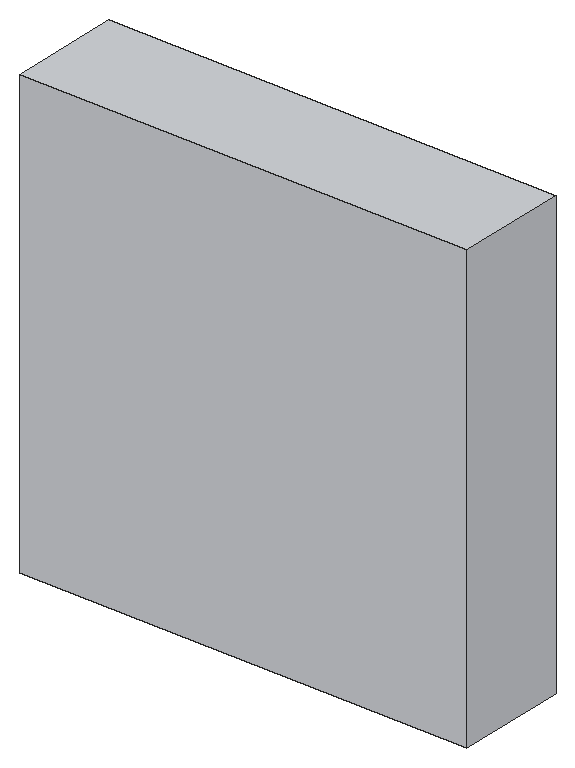
Revit family "XXX_ELT_Schrank", category Elektrische Ausstattung, Revit 2014
Parameters (values of type "1000x250x1200 (BxTxH) Doppeltür, Wandschrank")
  UK_Schrank = 1000 mm
  Tür vorne = no
  Tür hinten = no
  Tiefe = 250 mm
  OK_Schrank = UK_Schrank + Höhe  # 2000 mm
  Lastklassifizierung [instance] = Sonstige
  Höhe = 1000 mm
  Doppeltür hinten = no
  Doppeltür Vorne = yes
  Breite = 1000 mm
  Beschriftung = "-"
Types (4, lengths in mm): name | UK_Schrank | Tür vorne | Tür hinten | Tiefe | Höhe | Doppeltür Vorne | Breite | Beschriftung
  800x800x2000 (BxTxH) Reserve | 0 | no | no | 800 | 2000 | no | 800 | "R"
  800x800x2000 (BxTxH) Doppeltür | 0 | no | no | 800 | 2000 | yes | 800 | "AV"
  800x800x2000 (BxTxH) Einfachtür, beidseitig | 0 | yes | yes | 800 | 2000 | no | 800 | "AV"
  1000x250x1200 (BxTxH) Doppeltür, Wandschrank | 1000 | no | no | 250 | 1000 | yes | 1000 | "-"
Reference planes
  plane 1 "Mitte (Vorne/Hinten)": y = 0
  plane 2: z = 0
  plane 3 "Mitte (Links/Rechts)": x = 0
  plane 4 "hinten": y = 125
  plane 5 "vorne": y = -125
  plane 6 "links": x = -500
  plane 7 "rechts": x = 500
  plane 8: y = 1125
  plane 9: y = -1125
  plane 10: y = 625
  plane 11: y = -625
  plane 12: z = 2000
  plane 13 "UK_Schrank": z = 1000
Forms (mm)
  Extrusion 1, solid
    sketch origin (0, 0, 0) x (1, 0, 0) y (0, 1, 0)
      loop
        line (-500, 125) -> (-500, -125) -> (500, -125) -> (500, 125) -> (-500, 125)
    from 1000 <- "UK_Schrank" to 2000 <- "OK_Schrank"
Lines and regions (mm)
  symbolic lines, style "gestrichelte Linie", visible <- "Tür hinten"
    curve 1: line (-500, 125, 0) -> (-500, 1125, 0)
    curve 3: arc (500, 125, 0) -> (207.107, 832.107, 0) -> (-500, 1125, 0) r 1000
  symbolic lines, style "gestrichelte Linie", visible <- "Tür vorne"
    curve 2: line (-500, -125, 0) -> (-500, -1125, 0)
    curve 4: arc (-500, -1125, 0) -> (207.107, -832.107, 0) -> (500, -125, 0) r 1000
  symbolic lines, style "gestrichelte Linie", visible <- "Doppeltür hinten"
    curve 5: line (-500, 125, 0) -> (-500, 625, 0)
    curve 6: line (500, 125, 0) -> (500, 625, 0)
    curve 9: arc (0, 125, 0) -> (-146.447, 478.553, 0) -> (-500, 625, 0) r 500
    curve 10: arc (500, 625, 0) -> (146.447, 478.553, 0) -> (0, 125, 0) r 500
  symbolic lines, style "gestrichelte Linie", visible <- "Doppeltür Vorne"
    curve 7: line (-500, -125, 0) -> (-500, -625, 0)
    curve 8: line (500, -125, 0) -> (500, -625, 0)
    curve 11: arc (0, -125, 0) -> (146.447, -478.553, 0) -> (500, -625, 0) r 500
    curve 12: arc (-500, -625, 0) -> (-146.447, -478.553, 0) -> (0, -125, 0) r 500
Dimensions and locks
  "Breite": plane 6 "links" to plane 7 "rechts"
  "Tiefe": plane 4 "hinten" to plane 5 "vorne"
  equal spacing: plane 6 "links", plane 3 "Mitte (Links/Rechts)", plane 7 "rechts"
  equal spacing: plane 4 "hinten", plane 1 "Mitte (Vorne/Hinten)", plane 5 "vorne"
  "Breite": plane 8 to plane 4 "hinten"
  "Breite": plane 5 "vorne" to plane 9
  equal spacing: plane 8, plane 10, plane 4 "hinten"
  equal spacing: plane 5 "vorne", plane 11, plane 9
  plane 7 "rechts" to plane 6 "links" = 1000 mm
  "OK_Schrank": plane 2 to plane 12
  "UK_Schrank": level to plane 13 "UK_Schrank"
  aligned and locked: level to plane 2
Automatic sketch dimensions
  Extrusion 1 sketch curve to plane 4 "hinten" = 0 mm
  Extrusion 1 sketch curve to plane 5 "vorne" = 0 mm
  Extrusion 1 sketch curve to plane 6 "links" = 0 mm
  Extrusion 1 sketch curve to plane 7 "rechts" = 0 mm
  curve 3 to curve 9 = 0 mm  (x2)
  curve 4 to curve 12 = 0 mm  (x2)
  curve 1 to plane 4 "hinten" = 0 mm
  curve 1 to plane 6 "links" = 0 mm
  curve 2 to plane 5 "vorne" = 0 mm
  curve 7 to plane 5 "vorne" = 0 mm
  curve 7 to plane 6 "links" = 0 mm
  curve 10 to plane 3 "Mitte (Links/Rechts)" = 0 mm
  curve 11 to plane 3 "Mitte (Links/Rechts)" = 0 mm
  curve 12 to plane 3 "Mitte (Links/Rechts)" = 0 mm
  curve 6 to plane 4 "hinten" = 0 mm
  curve 6 to plane 7 "rechts" = 0 mm
  curve 11 to plane 5 "vorne" = 0 mm
  curve 11 to plane 7 "rechts" = 0 mm
  curve 4 to plane 7 "rechts" = 0 mm
  curve 3 to plane 4 "hinten" = 0 mm
  curve 3 to plane 7 "rechts" = 0 mm
  curve 8 to plane 5 "vorne" = 0 mm
  curve 5 to plane 4 "hinten" = 0 mm
  curve 10 to plane 4 "hinten" = 0 mm
Nested families
  nested 1: "Schaltschranktext1" at (2.131, 11.606, 0), type "Schaltschranktext 2"
Connectors
  electrical at (0, 0, 0), driven by "Lastklassifizierung"
    settings: index 1, voltage 400 V, apparent load 0 VA, apparent load phase1 0 VA, apparent load phase2 0 VA, apparent load phase3 0 VA, power factor 1, load classification "Sonstige", number of poles 3, system type 31, power factor state 1, is connector primary yes, connector utility no, sub classification motor no, connector description ""
Definition of nested family "Schaltschranktext1"
  Parameters (values of type "Schaltschranktext")
    Typ = ""
  Reference planes
    plane 1: y = 0
    plane 2: x = 0
  Lines and regions (mm)
    reference lines, not visible
      curve 1: line (-3.597, 18.061, 0) -> (3.76, 18.061, 0)
  Text (mm)
    label "Typ" at (0.096, -0.1, 0), shows "Typ"
    text "B" at (0.193, 23.67, 0), not visible
